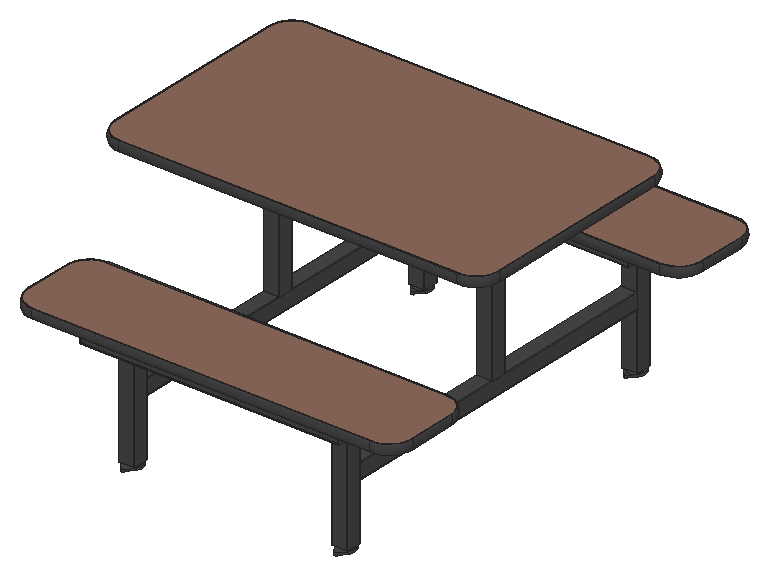
Revit family "Plymold-Essentials-Industrial_Bench_Unit", category Furniture, Revit 2022
Family settings
  OmniClass Number = 23.40.20.00
  OmniClass Title = General Furniture and Specialties
  Work Plane-Based = No
  Always vertical = Yes
  Cut with Voids When Loaded = No
  Render Appearance Source = Family Geometry
  Shared = No
  Room Calculation Point = No
Parameters (values of type "IDBE048VE")
  Width = 48"
  URL = "https://plymold.com"
  Type Comments = "Cafeteria Seating"  # constant formula
  TOP MATERIAL = PLY - Wood Mahogany - Horizontal
  TOP EDGE MATERIAL = PLY - Plastic Black
  Sustainability = "https://plymold.com/plymolds-sustainability-efforts/"
  SEAT MATERIAL = PLY - Wood Mahogany - Horizontal
  Revit Model Built By = "https://www.servex-us.com/servex-revit/"
  Product Documentation Link = "https://plymold.com/product/industrial-bench-unit/"
  Model = "IDBE048VE"
  Manufacturer = "Plymold"  # constant formula
  LEG MATERIAL = PLY - Onyx Black Powdercoat
  Keynote = "12500"  # constant formula
  Height = 30"
  GLIDES MATERIAL = PLY - Plastic Black
  FRAME MATERIAL = PLY - Onyx Black Powdercoat
  EDGE MATERIAL = PLY - Plastic Black
  Description = "Industrial Bench Unit - 48”W x 57”D x 30”H"
  Depth = 57"
  Default Elevation = 0"
  Cost = 0
  CAP MATERIAL = PLY - Plastic Black
  Brand = "Island Bench Units"  # constant formula
  Assembly Code = "E2020200"
Types (4): name | Width | Model | Description
  (no name) | 48" | "IDBE048VE" | "Industrial Bench Unit - 48”W x 57”D x 30”H"
  IDBE048VE | 48" | "IDBE048VE" | "Industrial Bench Unit - 48”W x 57”D x 30”H"
  IDBE072VE | 72" | "IDBE072VE" | "Industrial Bench Unit - 72”W x 57”D x 30”H"
  IDBE096VE | 96" | "IDBE096VE" | "Industrial Bench Unit - 96”W x 57”D x 30”H"
Reference planes (in)
  plane 1: z = 0
  plane 2: z = 30
  plane 3 "Center (Front/Back)": y = 49.90131
  plane 4 "Center (Left/Right)": x = -171.57253
  plane 5: x = -123.57253
  plane 6: y = 21.40131
  plane 7: y = 78.40131
Dimensions and locks (in)
  "Height": plane 2 to plane 1
  "Width": plane 4 "Center (Left/Right)" to plane 5
  equal spacing: plane 7, plane 3 "Center (Front/Back)", plane 6
  "Depth": plane 7 to plane 6
  aligned and locked: level to plane 1
  aligned and locked: plane 4 "Center (Left/Right)" to nested 1
  aligned and locked: nested 1 to plane 3 "Center (Front/Back)"
Nested families (in)
  nested 1: "Industrial_Bench_Unit" at (-171.57253, 49.90131, 0), W <- "Width", D <- "Depth", H <- "Height", LEG MATERIAL <- "LEG MATERIAL", SEAT MATERIAL <- "SEAT MATERIAL", TOP MATERIAL <- "TOP MATERIAL", CAP MATERIAL <- "CAP MATERIAL", EDGE MATERIAL <- "EDGE MATERIAL", GLIDES MATERIAL <- "GLIDES MATERIAL", TOP EDGE MATERIAL <- "TOP EDGE MATERIAL", FRAME MATERIAL <- "FRAME MATERIAL", type "Industrial_Bench_Unit"
    with W 48", TOP MATERIAL PLY - Wood Mahogany - Horizontal, TOP EDGE MATERIAL PLY - Plastic Black, SEAT MATERIAL PLY - Wood Mahogany - Horizontal, Qty Support 2, LEG MATERIAL PLY - Onyx Black Powdercoat, H 30", GLIDES MATERIAL PLY - Plastic Black, FRAME MATERIAL PLY - Onyx Black Powdercoat, EDGE MATERIAL PLY - Plastic Black, Dist Support 12 3/4", Dist Leg 10 3/4", Dist Frame 8", D 57", CAP MATERIAL PLY - Plastic Black
Definition of nested family "Industrial_Bench_Unit"
  Parameters (values of type "Industrial_Bench_Unit")
    W [instance] = 48"
    TOP MATERIAL [instance] = none
    TOP EDGE MATERIAL [instance] = none
    SEAT MATERIAL [instance] = none
    Qty Support [instance] = if(W = 48", 2, 3)  # 2
    LEG MATERIAL [instance] = none
    H [instance] = 30"
    GLIDES MATERIAL [instance] = none
    FRAME MATERIAL [instance] = none
    EDGE MATERIAL [instance] = none
    Dist Support [instance] = if(W = 96", W - 13 3/4", W - 35 1/4")  # 12 3/4"
    Dist Leg [instance] = if(W = 96", 20", 10 3/4")  # 10 3/4"
    Dist Frame [instance] = if(and(W = 96"), 2 1/2", if(and(W = 72"), 6 1/2", 8"))  # 8"
    Default Elevation = 0"
    D [instance] = 56 5/8"
    CAP MATERIAL [instance] = none
  Reference planes (in)
    plane 1 "Center (Front/Back)": y = 0
    plane 2: z = 0
    plane 3 "Center (Left/Right)": x = 0
    plane 4: z = 30
    plane 5: z = 17.246
    plane 6: y = 28.3125
    plane 7: y = -28.3125
    plane 8: x = 48
    plane 9: y = 15
    plane 10: y = -15
    plane 11: z = 16.062
    plane 12: z = 28.816
    plane 13: z = 14.562
    plane 14: z = 14.312
    plane 15: z = 0.5
    plane 16: z = 9.562
    plane 17: z = 7.562
    plane 18: x = 17.625
    plane 19: x = 30.375
    plane 20: x = 24
    plane 21: x = 10.75
    plane 22: x = 37.25
    plane 23: x = 8
    plane 24: x = 40
  Forms (in)
    Sweep 1, solid, material <- "TOP EDGE MATERIAL"
      path origin (0, 0, 0) x (1, 0, 0) y (0, 1, 0)
        loop
          arc (3, 15) -> (0.87868, 14.12132) -> (0, 12) r 3
          line (0, 12) -> (0, -12)
          arc (0, -12) -> (0.87868, -14.12132) -> (3, -15) r 3
          line (3, -15) -> (45, -15)
          arc (45, -15) -> (47.12132, -14.12132) -> (48, -12) r 3
          line (48, -12) -> (48, 12)
          arc (48, 12) -> (47.12132, 14.12132) -> (45, 15) r 3
          line (45, 15) -> (3, 15)
      profile origin (24, 15, 0) x (0, 1, 0) y (0, 0, 1)
        loop
          line (-0.16188, 30) -> (-0.16188, 28.816) -> (-0.10546, 28.816)
          arc (-0.10546, 28.816) -> (0, 29.408) -> (-0.10546, 30) r 1.71435
          line (-0.10546, 30) -> (-0.16188, 30)
    Extrusion 2, solid, material <- "TOP MATERIAL"
      sketch origin (0, 0, 0) x (1, 0, 0) y (0, 1, 0)
        loop
          line (0.16188, 12) -> (0.16188, -12)
          arc (0.16188, -12) -> (0.99315, -14.00685) -> (3, -14.83812) r 2.83812
          line (3, -14.83812) -> (45, -14.83812)
          arc (45, -14.83812) -> (47.00685, -14.00685) -> (47.83812, -12) r 2.83812
          line (47.83812, -12) -> (47.83812, 12)
          arc (47.83812, 12) -> (47.00685, 14.00685) -> (45, 14.83812) r 2.83812
          line (45, 14.83812) -> (3, 14.83812)
          arc (3, 14.83812) -> (0.99315, 14.00685) -> (0.16188, 12) r 2.83812
      from 28.816 to 30
    Sweep 3, solid, material <- "EDGE MATERIAL"
      path origin (0, 0, 0) x (1, 0, 0) y (0, 1, 0)
        loop
          arc (3, 28.3125) -> (0.87868, 27.43382) -> (0, 25.3125) r 3
          line (0, 25.3125) -> (0, 19.3125)
          arc (0, 19.3125) -> (0.87868, 17.19118) -> (3, 16.3125) r 3
          line (3, 16.3125) -> (45, 16.3125)
          arc (45, 16.3125) -> (47.12132, 17.19118) -> (48, 19.3125) r 3
          line (48, 19.3125) -> (48, 25.3125)
          arc (48, 25.3125) -> (47.12132, 27.43382) -> (45, 28.3125) r 3
          line (45, 28.3125) -> (3, 28.3125)
      profile origin (24, 28.3125, 0) x (0, 1, 0) y (0, 0, 1)
        loop
          line (-0.16188, 17.246) -> (-0.16188, 16.062) -> (-0.10546, 16.062)
          arc (-0.10546, 16.062) -> (0.00002, 16.654) -> (-0.10546, 17.246) r 1.71405
          line (-0.10546, 17.246) -> (-0.16188, 17.246)
    Sweep 4, solid, material <- "EDGE MATERIAL"
      path origin (0, 0, 0) x (1, 0, 0) y (0, 1, 0)
        loop
          line (3, -28.3125) -> (45, -28.3125)
          arc (45, -28.3125) -> (47.12132, -27.43382) -> (48, -25.3125) r 3
          line (48, -25.3125) -> (48, -19.3125)
          arc (48, -19.3125) -> (47.12132, -17.19118) -> (45, -16.3125) r 3
          line (45, -16.3125) -> (3, -16.3125)
          arc (3, -16.3125) -> (0.87868, -17.19118) -> (0, -19.3125) r 3
          line (0, -19.3125) -> (0, -25.3125)
          arc (0, -25.3125) -> (0.87868, -27.43382) -> (3, -28.3125) r 3
      profile origin (24, -28.3125, 0) x (0, 1, 0) y (0, 0, 1)
        loop
          line (0.16188, 17.246) -> (0.10546, 17.246)
          arc (0.10546, 17.246) -> (-0.00002, 16.654) -> (0.10546, 16.062) r 1.71405
          line (0.10546, 16.062) -> (0.16188, 16.062) -> (0.16188, 17.246)
    Extrusion 5, solid, material <- "SEAT MATERIAL"
      sketch origin (0, 0, 0) x (1, 0, 0) y (0, 1, 0)
        loop
          arc (3, 28.15062) -> (0.99315, 27.31935) -> (0.16188, 25.3125) r 2.83812
          line (0.16188, 25.3125) -> (0.16188, 19.3125)
          arc (0.16188, 19.3125) -> (0.99315, 17.30565) -> (3, 16.47438) r 2.83812
          line (3, 16.47438) -> (45, 16.47438)
          arc (45, 16.47438) -> (47.00685, 17.30565) -> (47.83812, 19.3125) r 2.83812
          line (47.83812, 19.3125) -> (47.83812, 25.3125)
          arc (47.83812, 25.3125) -> (47.00685, 27.31935) -> (45, 28.15062) r 2.83812
          line (45, 28.15062) -> (3, 28.15062)
        loop
          arc (3, -16.47438) -> (0.99315, -17.30565) -> (0.16188, -19.3125) r 2.83812
          line (0.16188, -19.3125) -> (0.16188, -25.3125)
          arc (0.16188, -25.3125) -> (0.99315, -27.31935) -> (3, -28.15062) r 2.83812
          line (3, -28.15062) -> (45, -28.15062)
          arc (45, -28.15062) -> (47.00685, -27.31935) -> (47.83812, -25.3125) r 2.83812
          line (47.83812, -25.3125) -> (47.83812, -19.3125)
          arc (47.83812, -19.3125) -> (47.00685, -17.30565) -> (45, -16.47438) r 2.83812
          line (45, -16.47438) -> (3, -16.47438)
      from 16.062 to 17.246
    Extrusion 6, solid, material <- "LEG MATERIAL"
      sketch origin (0, 0, 0) x (1, 0, 0) y (0, 1, 0)
        loop
          line (8.52875, 25.49344) -> (8.52875, 19.13156) -> (13.02875, 19.13156) -> (13.02875, 25.49344) -> (8.52875, 25.49344)
        loop
          line (39.47125, 25.49344) -> (34.97125, 25.49344) -> (34.97125, 19.13156) -> (39.47125, 19.13156) -> (39.47125, 25.49344)
        loop
          line (8.52875, -25.49344) -> (13.02875, -25.49344) -> (13.02875, -19.13156) -> (8.52875, -19.13156) -> (8.52875, -25.49344)
        loop
          line (39.47125, -25.49344) -> (39.47125, -19.13156) -> (34.97125, -19.13156) -> (34.97125, -25.49344) -> (39.47125, -25.49344)
      from 14.312 to 14.562
    Extrusion 7, solid, material <- "FRAME MATERIAL"
      sketch origin (0, 0, 0) x (0, 1, 0) y (0, 0, 1)
        loop
          arc (4.39381, 27.321) -> (4.4601, 27.34846) -> (4.48756, 27.41475) r 0.09375
          line (4.48756, 27.41475) -> (4.48756, 28.72392)
          arc (4.48756, 28.72392) -> (4.46059, 28.78903) -> (4.39548, 28.816) r 0.09208
          line (4.39548, 28.816) -> (3.08631, 28.816)
          arc (3.08631, 28.816) -> (3.02002, 28.78854) -> (2.99256, 28.72225) r 0.09375
          line (2.99256, 28.72225) -> (2.99256, 27.41475)
          arc (2.99256, 27.41475) -> (3.02002, 27.34846) -> (3.08631, 27.321) r 0.09375
          line (3.08631, 27.321) -> (4.39381, 27.321)
        loop
          line (-4.39381, 27.321) -> (-3.08631, 27.321)
          arc (-3.08631, 27.321) -> (-3.02002, 27.34846) -> (-2.99256, 27.41475) r 0.09375
          line (-2.99256, 27.41475) -> (-2.99256, 28.72225)
          arc (-2.99256, 28.72225) -> (-3.02002, 28.78854) -> (-3.08631, 28.816) r 0.09375
          line (-3.08631, 28.816) -> (-4.39381, 28.816)
          arc (-4.39381, 28.816) -> (-4.4601, 28.78854) -> (-4.48756, 28.72225) r 0.09375
          line (-4.48756, 28.72225) -> (-4.48756, 27.41475)
          arc (-4.48756, 27.41475) -> (-4.4601, 27.34846) -> (-4.39381, 27.321) r 0.09375
        loop
          arc (26.89469, 14.562) -> (26.96098, 14.58946) -> (26.98844, 14.65575) r 0.09375
          line (26.98844, 14.65575) -> (26.98844, 15.96992)
          arc (26.98844, 15.96992) -> (26.96147, 16.03503) -> (26.89636, 16.062) r 0.09208
          line (26.89636, 16.062) -> (25.58719, 16.062)
          arc (25.58719, 16.062) -> (25.5209, 16.03454) -> (25.49344, 15.96825) r 0.09375
          line (25.49344, 15.96825) -> (25.49344, 14.65575)
          arc (25.49344, 14.65575) -> (25.5209, 14.58946) -> (25.58719, 14.562) r 0.09375
          line (25.58719, 14.562) -> (26.89469, 14.562)
        loop
          line (17.73031, 14.562) -> (19.03781, 14.562)
          arc (19.03781, 14.562) -> (19.1041, 14.58946) -> (19.13156, 14.65575) r 0.09375
          line (19.13156, 14.65575) -> (19.13156, 15.96825)
          arc (19.13156, 15.96825) -> (19.1041, 16.03454) -> (19.03781, 16.062) r 0.09375
          line (19.03781, 16.062) -> (17.73031, 16.062)
          arc (17.73031, 16.062) -> (17.66402, 16.03454) -> (17.63656, 15.96825) r 0.09375
          line (17.63656, 15.96825) -> (17.63656, 14.65575)
          arc (17.63656, 14.65575) -> (17.66402, 14.58946) -> (17.73031, 14.562) r 0.09375
        loop
          line (-26.89469, 14.562) -> (-25.58719, 14.562)
          arc (-25.58719, 14.562) -> (-25.5209, 14.58946) -> (-25.49344, 14.65575) r 0.09375
          line (-25.49344, 14.65575) -> (-25.49344, 15.96825)
          arc (-25.49344, 15.96825) -> (-25.5209, 16.03454) -> (-25.58719, 16.062) r 0.09375
          line (-25.58719, 16.062) -> (-26.89636, 16.062)
          arc (-26.89636, 16.062) -> (-26.96147, 16.03503) -> (-26.98844, 15.96992) r 0.09208
          line (-26.98844, 15.96992) -> (-26.98844, 14.65575)
          arc (-26.98844, 14.65575) -> (-26.96098, 14.58946) -> (-26.89469, 14.562) r 0.09375
        loop
          arc (-17.73031, 14.562) -> (-17.66402, 14.58946) -> (-17.63656, 14.65575) r 0.09375
          line (-17.63656, 14.65575) -> (-17.63656, 15.96825)
          arc (-17.63656, 15.96825) -> (-17.66402, 16.03454) -> (-17.73031, 16.062) r 0.09375
          line (-17.73031, 16.062) -> (-19.03781, 16.062)
          arc (-19.03781, 16.062) -> (-19.1041, 16.03454) -> (-19.13156, 15.96825) r 0.09375
          line (-19.13156, 15.96825) -> (-19.13156, 14.65575)
          arc (-19.13156, 14.65575) -> (-19.1041, 14.58946) -> (-19.03781, 14.562) r 0.09375
          line (-19.03781, 14.562) -> (-17.73031, 14.562)
      from 8 to 40
    Extrusion 8, solid, material <- "FRAME MATERIAL"
      sketch origin (0, 0, 0) x (1, 0, 0) y (0, 1, 0)
        loop
          line (8.52875, 3.125) -> (8.52875, -3.125) -> (13.02875, -3.125) -> (13.02875, 3.125) -> (8.52875, 3.125)
        loop
          line (39.47125, 3.125) -> (34.97125, 3.125) -> (34.97125, -3.125) -> (39.47125, -3.125) -> (39.47125, 3.125)
      from 27.066 to 27.321
    Extrusion 9, solid, material <- "FRAME MATERIAL"
      sketch origin (0, 0, 0) x (1, 0, 0) y (0, 1, 0)
        loop
          arc (9.84375, 1) -> (9.77746, 0.97254) -> (9.75, 0.90625) r 0.09375
          line (9.75, 0.90625) -> (9.75, -0.90625)
          arc (9.75, -0.90625) -> (9.77746, -0.97254) -> (9.84375, -1) r 0.09375
          line (9.84375, -1) -> (11.65625, -1)
          arc (11.65625, -1) -> (11.72254, -0.97254) -> (11.75, -0.90625) r 0.09375
          line (11.75, -0.90625) -> (11.75, 0.90625)
          arc (11.75, 0.90625) -> (11.72254, 0.97254) -> (11.65625, 1) r 0.09375
          line (11.65625, 1) -> (9.84375, 1)
        loop
          line (38.15625, 1) -> (36.34375, 1)
          arc (36.34375, 1) -> (36.27746, 0.97254) -> (36.25, 0.90625) r 0.09375
          line (36.25, 0.90625) -> (36.25, -0.90625)
          arc (36.25, -0.90625) -> (36.27746, -0.97254) -> (36.34375, -1) r 0.09375
          line (36.34375, -1) -> (38.15625, -1)
          arc (38.15625, -1) -> (38.22254, -0.97254) -> (38.25, -0.90625) r 0.09375
          line (38.25, -0.90625) -> (38.25, 0.90625)
          arc (38.25, 0.90625) -> (38.22254, 0.97254) -> (38.15625, 1) r 0.09375
      from 9.562 to 27.066
    Extrusion 10, solid, material <- "FRAME MATERIAL"
      sketch origin (0, 0, 0) x (1, 0, 0) y (0, 0, 1)
        loop
          arc (9.84375, 9.562) -> (9.77746, 9.53454) -> (9.75, 9.46825) r 0.09375
          line (9.75, 9.46825) -> (9.75, 7.65575)
          arc (9.75, 7.65575) -> (9.77746, 7.58946) -> (9.84375, 7.562) r 0.09375
          line (9.84375, 7.562) -> (11.65625, 7.562)
          arc (11.65625, 7.562) -> (11.72254, 7.58946) -> (11.75, 7.65575) r 0.09375
          line (11.75, 7.65575) -> (11.75, 9.46825)
          arc (11.75, 9.46825) -> (11.72254, 9.53454) -> (11.65625, 9.562) r 0.09375
          line (11.65625, 9.562) -> (9.84375, 9.562)
        loop
          line (38.15625, 9.562) -> (36.34375, 9.562)
          arc (36.34375, 9.562) -> (36.27746, 9.53454) -> (36.25, 9.46825) r 0.09375
          line (36.25, 9.46825) -> (36.25, 7.65575)
          arc (36.25, 7.65575) -> (36.27746, 7.58946) -> (36.34375, 7.562) r 0.09375
          line (36.34375, 7.562) -> (38.15625, 7.562)
          arc (38.15625, 7.562) -> (38.22254, 7.58946) -> (38.25, 7.65575) r 0.09375
          line (38.25, 7.65575) -> (38.25, 9.46825)
          arc (38.25, 9.46825) -> (38.22254, 9.53454) -> (38.15625, 9.562) r 0.09375
      from -21.3125 to 21.3125
    Extrusion 11, solid, material <- "LEG MATERIAL"
      sketch origin (0, 0, -9) x (1, 0, 0) y (0, 1, 0)
        loop
          arc (9.84375, 23.3125) -> (9.77746, 23.28504) -> (9.75, 23.21875) r 0.09375
          line (9.75, 23.21875) -> (9.75, 21.40625)
          arc (9.75, 21.40625) -> (9.77746, 21.33996) -> (9.84375, 21.3125) r 0.09375
          line (9.84375, 21.3125) -> (11.65625, 21.3125)
          arc (11.65625, 21.3125) -> (11.72254, 21.33996) -> (11.75, 21.40625) r 0.09375
          line (11.75, 21.40625) -> (11.75, 23.21875)
          arc (11.75, 23.21875) -> (11.72254, 23.28504) -> (11.65625, 23.3125) r 0.09375
          line (11.65625, 23.3125) -> (9.84375, 23.3125)
        loop
          line (38.15625, 23.3125) -> (36.34375, 23.3125)
          arc (36.34375, 23.3125) -> (36.27746, 23.28504) -> (36.25, 23.21875) r 0.09375
          line (36.25, 23.21875) -> (36.25, 21.40625)
          arc (36.25, 21.40625) -> (36.27746, 21.33996) -> (36.34375, 21.3125) r 0.09375
          line (36.34375, 21.3125) -> (38.15625, 21.3125)
          arc (38.15625, 21.3125) -> (38.22254, 21.33996) -> (38.25, 21.40625) r 0.09375
          line (38.25, 21.40625) -> (38.25, 23.21875)
          arc (38.25, 23.21875) -> (38.22254, 23.28504) -> (38.15625, 23.3125) r 0.09375
        loop
          line (9.84375, -23.3125) -> (11.65625, -23.3125)
          arc (11.65625, -23.3125) -> (11.72254, -23.28504) -> (11.75, -23.21875) r 0.09375
          line (11.75, -23.21875) -> (11.75, -21.40625)
          arc (11.75, -21.40625) -> (11.72254, -21.33996) -> (11.65625, -21.3125) r 0.09375
          line (11.65625, -21.3125) -> (9.84375, -21.3125)
          arc (9.84375, -21.3125) -> (9.77746, -21.33996) -> (9.75, -21.40625) r 0.09375
          line (9.75, -21.40625) -> (9.75, -23.21875)
          arc (9.75, -23.21875) -> (9.77746, -23.28504) -> (9.84375, -23.3125) r 0.09375
        loop
          arc (38.15625, -23.3125) -> (38.22254, -23.28504) -> (38.25, -23.21875) r 0.09375
          line (38.25, -23.21875) -> (38.25, -21.40625)
          arc (38.25, -21.40625) -> (38.22254, -21.33996) -> (38.15625, -21.3125) r 0.09375
          line (38.15625, -21.3125) -> (36.34375, -21.3125)
          arc (36.34375, -21.3125) -> (36.27746, -21.33996) -> (36.25, -21.40625) r 0.09375
          line (36.25, -21.40625) -> (36.25, -23.21875)
          arc (36.25, -23.21875) -> (36.27746, -23.28504) -> (36.34375, -23.3125) r 0.09375
          line (36.34375, -23.3125) -> (38.15625, -23.3125)
      from 9.5 to 23.312
    Extrusion 12, solid, material <- "FRAME MATERIAL"
      sketch origin (0, 0, 0) x (1, 0, 0) y (0, 0, 1)
        loop
          line (13.15375, 28.816) -> (13.02875, 28.816) -> (13.02875, 27.441) -> (8.52875, 27.441) -> (8.52875, 28.816) -> (8.40375, 28.816) -> (8.40375, 27.316) -> (13.15375, 27.316) -> (13.15375, 28.816)
        loop
          line (34.84625, 28.816) -> (34.84625, 27.321) -> (39.59625, 27.321) -> (39.59625, 28.816) -> (39.47125, 28.816) -> (39.47125, 27.441) -> (34.97125, 27.441) -> (34.97125, 28.816) -> (34.84625, 28.816)
      from -2.99256 to 2.99256
    Extrusion 13, solid, material <- "FRAME MATERIAL"
      sketch origin (0, 0, 0) x (1, 0, 0) y (0, 0, 1)
        loop
          line (13.15375, 16.062) -> (13.02875, 16.062) -> (13.02875, 14.687) -> (8.52875, 14.687) -> (8.52875, 16.062) -> (8.40375, 16.062) -> (8.40375, 14.562) -> (13.15375, 14.562) -> (13.15375, 16.062)
        loop
          line (34.84625, 16.062) -> (34.84625, 14.562) -> (39.59625, 14.562) -> (39.59625, 16.062) -> (39.47125, 16.062) -> (39.47125, 14.687) -> (34.97125, 14.687) -> (34.97125, 16.062) -> (34.84625, 16.062)
      from 19.13156 to 25.49344
    Extrusion 14, solid, material <- "FRAME MATERIAL"
      sketch origin (0, 0, 0) x (1, 0, 0) y (0, 0, -1)
        loop
          line (13.15375, -16.062) -> (13.15375, -14.562) -> (8.40375, -14.562) -> (8.40375, -16.062) -> (8.52875, -16.062) -> (8.52875, -14.687) -> (13.02875, -14.687) -> (13.02875, -16.062) -> (13.15375, -16.062)
        loop
          line (34.84625, -16.062) -> (34.97125, -16.062) -> (34.97125, -14.687) -> (39.47125, -14.687) -> (39.47125, -16.062) -> (39.59625, -16.062) -> (39.59625, -14.562) -> (34.84625, -14.562) -> (34.84625, -16.062)
      from 19.13156 to 25.49344
    Extrusion 15, solid, material <- "GLIDES MATERIAL"
      sketch origin (-8.403, 2.57413, 0) x (1, 0, 0) y (0, 1, 0)
        loop
          arc (18.90281, -26.45018) -> (19.153, -26.57711) -> (19.40318, -26.45018) r 0.31001
          line (19.40318, -26.45018) -> (20.06108, -25.55114)
          arc (20.06108, -25.55114) -> (19.153, -23.76138) -> (18.24492, -25.55114) r 1.12525
          line (18.24492, -25.55114) -> (18.90281, -26.45018)
        loop
          line (45.90318, 18.17482) -> (46.56108, 19.07386)
          arc (46.56108, 19.07386) -> (45.653, 20.86362) -> (44.74492, 19.07386) r 1.12525
          line (44.74492, 19.07386) -> (45.40281, 18.17482)
          arc (45.40281, 18.17482) -> (45.653, 18.04789) -> (45.90318, 18.17482) r 0.31001
        loop
          line (45.90318, -26.45018) -> (46.56108, -25.55114)
          arc (46.56108, -25.55114) -> (45.653, -23.76138) -> (44.74492, -25.55114) r 1.12525
          line (44.74492, -25.55114) -> (45.40281, -26.45018)
          arc (45.40281, -26.45018) -> (45.653, -26.57711) -> (45.90318, -26.45018) r 0.31001
        loop
          arc (18.90281, 18.17482) -> (19.153, 18.04789) -> (19.40318, 18.17482) r 0.31001
          line (19.40318, 18.17482) -> (20.06108, 19.07386)
          arc (20.06108, 19.07386) -> (19.153, 20.86362) -> (18.24492, 19.07386) r 1.12525
          line (18.24492, 19.07386) -> (18.90281, 18.17482)
      from 0 to 0.25
    Revolve 16, solid, material <- "GLIDES MATERIAL"
      sketch origin (33.0625, 22.3125, 0) x (-1, 0, 0) y (0, 0, 1)
        loop
          line (22.3125, 0.5) -> (22.3125, 0.25) -> (23.172, 0.25)
          arc (23.172, 0.25) -> (22.98358, 0.36253) -> (22.8125, 0.5) r 1.5858
          line (22.8125, 0.5) -> (22.3125, 0.5)
        axis (22.3125, 0.5) -> (22.3125, 0.25)
      angle from 0 to 360
    Revolve 17, solid, material <- "GLIDES MATERIAL"
      sketch origin (59.5625, 22.3125, 0) x (-1, 0, 0) y (0, 0, -1)
        loop
          line (22.3125, -0.5) -> (22.8125, -0.5)
          arc (22.8125, -0.5) -> (22.98358, -0.36253) -> (23.172, -0.25) r 1.5858
          line (23.172, -0.25) -> (22.3125, -0.25) -> (22.3125, -0.5)
        axis (22.3125, -0.5) -> (22.3125, -0.25)
      angle from 0 to 360
    Revolve 18, solid, material <- "GLIDES MATERIAL"
      sketch origin (-11.5625, -22.3125, 0) x (1, 0, 0) y (0, 0, -1)
        loop
          line (22.3125, -0.5) -> (22.8125, -0.5)
          arc (22.8125, -0.5) -> (22.98358, -0.36253) -> (23.172, -0.25) r 1.5858
          line (23.172, -0.25) -> (22.3125, -0.25) -> (22.3125, -0.5)
        axis (22.3125, -0.5) -> (22.3125, -0.25)
      angle from 0 to 360
    Revolve 19, solid, material <- "GLIDES MATERIAL"
      sketch origin (14.9375, -22.3125, 0) x (1, 0, 0) y (0, 0, 1)
        loop
          line (22.3125, 0.5) -> (22.3125, 0.25) -> (23.172, 0.25)
          arc (23.172, 0.25) -> (22.98358, 0.36253) -> (22.8125, 0.5) r 1.5858
          line (22.8125, 0.5) -> (22.3125, 0.5)
        axis (22.3125, 0.5) -> (22.3125, 0.25)
      angle from 0 to 360
    Extrusion 20, solid, material <- "CAP MATERIAL"
      sketch origin (40, 0, 0) x (0, 1, 0) y (0, 0, 1)
        loop
          line (-25.49344, 14.65575) -> (-25.49344, 15.96825)
          arc (-25.49344, 15.96825) -> (-25.5209, 16.03454) -> (-25.58719, 16.062) r 0.09375
          line (-25.58719, 16.062) -> (-26.89636, 16.062)
          arc (-26.89636, 16.062) -> (-26.96147, 16.03503) -> (-26.98844, 15.96992) r 0.09208
          line (-26.98844, 15.96992) -> (-26.98844, 14.65575)
          arc (-26.98844, 14.65575) -> (-26.96098, 14.58946) -> (-26.89469, 14.562) r 0.09375
          line (-26.89469, 14.562) -> (-25.58719, 14.562)
          arc (-25.58719, 14.562) -> (-25.5209, 14.58946) -> (-25.49344, 14.65575) r 0.09375
        loop
          line (-17.63656, 14.65575) -> (-17.63656, 15.96825)
          arc (-17.63656, 15.96825) -> (-17.66402, 16.03454) -> (-17.73031, 16.062) r 0.09375
          line (-17.73031, 16.062) -> (-19.03781, 16.062)
          arc (-19.03781, 16.062) -> (-19.1041, 16.03454) -> (-19.13156, 15.96825) r 0.09375
          line (-19.13156, 15.96825) -> (-19.13156, 14.65575)
          arc (-19.13156, 14.65575) -> (-19.1041, 14.58946) -> (-19.03781, 14.562) r 0.09375
          line (-19.03781, 14.562) -> (-17.73031, 14.562)
          arc (-17.73031, 14.562) -> (-17.66402, 14.58946) -> (-17.63656, 14.65575) r 0.09375
        loop
          line (-2.99256, 27.41475) -> (-2.99256, 28.72225)
          arc (-2.99256, 28.72225) -> (-3.02002, 28.78854) -> (-3.08631, 28.816) r 0.09375
          line (-3.08631, 28.816) -> (-4.39381, 28.816)
          arc (-4.39381, 28.816) -> (-4.4601, 28.78854) -> (-4.48756, 28.72225) r 0.09375
          line (-4.48756, 28.72225) -> (-4.48756, 27.41475)
          arc (-4.48756, 27.41475) -> (-4.4601, 27.34846) -> (-4.39381, 27.321) r 0.09375
          line (-4.39381, 27.321) -> (-3.08631, 27.321)
          arc (-3.08631, 27.321) -> (-3.02002, 27.34846) -> (-2.99256, 27.41475) r 0.09375
        loop
          line (4.39548, 28.816) -> (3.08631, 28.816)
          arc (3.08631, 28.816) -> (3.02002, 28.78854) -> (2.99256, 28.72225) r 0.09375
          line (2.99256, 28.72225) -> (2.99256, 27.41475)
          arc (2.99256, 27.41475) -> (3.02002, 27.34846) -> (3.08631, 27.321) r 0.09375
          line (3.08631, 27.321) -> (4.39381, 27.321)
          arc (4.39381, 27.321) -> (4.4601, 27.34846) -> (4.48756, 27.41475) r 0.09375
          line (4.48756, 27.41475) -> (4.48756, 28.72392)
          arc (4.48756, 28.72392) -> (4.46059, 28.78903) -> (4.39548, 28.816) r 0.09208
        loop
          line (19.13156, 14.65575) -> (19.13156, 15.96825)
          arc (19.13156, 15.96825) -> (19.1041, 16.03454) -> (19.03781, 16.062) r 0.09375
          line (19.03781, 16.062) -> (17.73031, 16.062)
          arc (17.73031, 16.062) -> (17.66402, 16.03454) -> (17.63656, 15.96825) r 0.09375
          line (17.63656, 15.96825) -> (17.63656, 14.65575)
          arc (17.63656, 14.65575) -> (17.66402, 14.58946) -> (17.73031, 14.562) r 0.09375
          line (17.73031, 14.562) -> (19.03781, 14.562)
          arc (19.03781, 14.562) -> (19.1041, 14.58946) -> (19.13156, 14.65575) r 0.09375
        loop
          line (26.98844, 14.65575) -> (26.98844, 15.96992)
          arc (26.98844, 15.96992) -> (26.96147, 16.03503) -> (26.89636, 16.062) r 0.09208
          line (26.89636, 16.062) -> (25.58719, 16.062)
          arc (25.58719, 16.062) -> (25.5209, 16.03454) -> (25.49344, 15.96825) r 0.09375
          line (25.49344, 15.96825) -> (25.49344, 14.65575)
          arc (25.49344, 14.65575) -> (25.5209, 14.58946) -> (25.58719, 14.562) r 0.09375
          line (25.58719, 14.562) -> (26.89469, 14.562)
          arc (26.89469, 14.562) -> (26.96098, 14.58946) -> (26.98844, 14.65575) r 0.09375
      from 0 to 0.125
    Extrusion 21, solid, material <- "CAP MATERIAL"
      sketch origin (8, 0, 0) x (0, -1, 0) y (0, 0, 1)
        loop
          line (4.48756, 27.41475) -> (4.48756, 28.72225)
          arc (4.48756, 28.72225) -> (4.4601, 28.78854) -> (4.39381, 28.816) r 0.09375
          line (4.39381, 28.816) -> (3.08631, 28.816)
          arc (3.08631, 28.816) -> (3.02002, 28.78854) -> (2.99256, 28.72225) r 0.09375
          line (2.99256, 28.72225) -> (2.99256, 27.41475)
          arc (2.99256, 27.41475) -> (3.02002, 27.34846) -> (3.08631, 27.321) r 0.09375
          line (3.08631, 27.321) -> (4.39381, 27.321)
          arc (4.39381, 27.321) -> (4.4601, 27.34846) -> (4.48756, 27.41475) r 0.09375
        loop
          line (-2.99256, 27.41475) -> (-2.99256, 28.72225)
          arc (-2.99256, 28.72225) -> (-3.02002, 28.78854) -> (-3.08631, 28.816) r 0.09375
          line (-3.08631, 28.816) -> (-4.39548, 28.816)
          arc (-4.39548, 28.816) -> (-4.46059, 28.78903) -> (-4.48756, 28.72392) r 0.09208
          line (-4.48756, 28.72392) -> (-4.48756, 27.41475)
          arc (-4.48756, 27.41475) -> (-4.4601, 27.34846) -> (-4.39381, 27.321) r 0.09375
          line (-4.39381, 27.321) -> (-3.08631, 27.321)
          arc (-3.08631, 27.321) -> (-3.02002, 27.34846) -> (-2.99256, 27.41475) r 0.09375
        loop
          line (-19.13156, 15.96825) -> (-19.13156, 14.65575)
          arc (-19.13156, 14.65575) -> (-19.1041, 14.58946) -> (-19.03781, 14.562) r 0.09375
          line (-19.03781, 14.562) -> (-17.73031, 14.562)
          arc (-17.73031, 14.562) -> (-17.66402, 14.58946) -> (-17.63656, 14.65575) r 0.09375
          line (-17.63656, 14.65575) -> (-17.63656, 15.96825)
          arc (-17.63656, 15.96825) -> (-17.66402, 16.03454) -> (-17.73031, 16.062) r 0.09375
          line (-17.73031, 16.062) -> (-19.03781, 16.062)
          arc (-19.03781, 16.062) -> (-19.1041, 16.03454) -> (-19.13156, 15.96825) r 0.09375
        loop
          line (-25.49344, 14.65575) -> (-25.49344, 15.96825)
          arc (-25.49344, 15.96825) -> (-25.5209, 16.03454) -> (-25.58719, 16.062) r 0.09375
          line (-25.58719, 16.062) -> (-26.89636, 16.062)
          arc (-26.89636, 16.062) -> (-26.96147, 16.03503) -> (-26.98844, 15.96992) r 0.09208
          line (-26.98844, 15.96992) -> (-26.98844, 14.65575)
          arc (-26.98844, 14.65575) -> (-26.96098, 14.58946) -> (-26.89469, 14.562) r 0.09375
          line (-26.89469, 14.562) -> (-25.58719, 14.562)
          arc (-25.58719, 14.562) -> (-25.5209, 14.58946) -> (-25.49344, 14.65575) r 0.09375
        loop
          line (26.98844, 14.65575) -> (26.98844, 15.96992)
          arc (26.98844, 15.96992) -> (26.96147, 16.03503) -> (26.89636, 16.062) r 0.09208
          line (26.89636, 16.062) -> (25.58719, 16.062)
          arc (25.58719, 16.062) -> (25.5209, 16.03454) -> (25.49344, 15.96825) r 0.09375
          line (25.49344, 15.96825) -> (25.49344, 14.65575)
          arc (25.49344, 14.65575) -> (25.5209, 14.58946) -> (25.58719, 14.562) r 0.09375
          line (25.58719, 14.562) -> (26.89469, 14.562)
          arc (26.89469, 14.562) -> (26.96098, 14.58946) -> (26.98844, 14.65575) r 0.09375
        loop
          line (19.13156, 14.65575) -> (19.13156, 15.96825)
          arc (19.13156, 15.96825) -> (19.1041, 16.03454) -> (19.03781, 16.062) r 0.09375
          line (19.03781, 16.062) -> (17.73031, 16.062)
          arc (17.73031, 16.062) -> (17.66402, 16.03454) -> (17.63656, 15.96825) r 0.09375
          line (17.63656, 15.96825) -> (17.63656, 14.65575)
          arc (17.63656, 14.65575) -> (17.66402, 14.58946) -> (17.73031, 14.562) r 0.09375
          line (17.73031, 14.562) -> (19.03781, 14.562)
          arc (19.03781, 14.562) -> (19.1041, 14.58946) -> (19.13156, 14.65575) r 0.09375
      from 0 to 0.125
  Cuts and joins
    joined: Extrusion 15, Revolve 16, Revolve 17, Revolve 18, Revolve 19
  Lines and regions (in)
    symbolic lines
      curve 1: line (3, 15, 0) -> (45, 15, 0)
      curve 2: line (0, -12, 0) -> (0, 12, 0)
      curve 3: line (45, -15, 0) -> (3, -15, 0)
      curve 4: line (48, 12, 0) -> (48, -12, 0)
      curve 5: arc (0, 12, 0) -> (0.87868, 14.12132, 0) -> (3, 15, 0) r 3
      curve 6: arc (0, -12, 0) -> (0.87868, -14.12132, 0) -> (3, -15, 0) r 3
      curve 7: arc (45, -15, 0) -> (47.12132, -14.12132, 0) -> (48, -12, 0) r 3
      curve 8: arc (45, 15, 0) -> (47.12132, 14.12132, 0) -> (48, 12, 0) r 3
      curve 9: line (3, 28.3125, 0) -> (45, 28.3125, 0)
      curve 10: line (0, 19.3125, 0) -> (0, 25.3125, 0)
      curve 11: line (45, 16.3125, 0) -> (3, 16.3125, 0)
      curve 12: line (48, 25.3125, 0) -> (48, 19.3125, 0)
      curve 13: line (3, -16.3125, 0) -> (45, -16.3125, 0)
      curve 14: line (0, -25.3125, 0) -> (0, -19.3125, 0)
      curve 15: line (45, -28.3125, 0) -> (3, -28.3125, 0)
      curve 16: line (48, -19.3125, 0) -> (48, -25.3125, 0)
      curve 17: arc (0, -19.3125, 0) -> (0.87868, -17.19118, 0) -> (3, -16.3125, 0) r 3
      curve 18: arc (0, -25.3125, 0) -> (0.87868, -27.43382, 0) -> (3, -28.3125, 0) r 3
      curve 19: arc (45, -16.3125, 0) -> (47.12132, -17.19118, 0) -> (48, -19.3125, 0) r 3
      curve 20: arc (48, -25.3125, 0) -> (47.12132, -27.43382, 0) -> (45, -28.3125, 0) r 3
      curve 21: arc (0, 25.3125, 0) -> (0.87868, 27.43382, 0) -> (3, 28.3125, 0) r 3
      curve 22: arc (0, 19.3125, 0) -> (0.87868, 17.19118, 0) -> (3, 16.3125, 0) r 3
      curve 23: arc (45, 28.3125, 0) -> (47.12132, 27.43382, 0) -> (48, 25.3125, 0) r 3
      curve 24: arc (48, 19.3125, 0) -> (47.12132, 17.19118, 0) -> (45, 16.3125, 0) r 3
      curve 25: line (9.75, 16.3125, 0) -> (9.75, 15, 0)
      curve 26: line (11.75, 16.3125, 0) -> (11.75, 15, 0)
      curve 27: line (36.25, 16.3125, 0) -> (36.25, 15, 0)
      curve 28: line (38.25, 16.3125, 0) -> (38.25, 15, 0)
      curve 29: line (9.75, -16.3125, 0) -> (9.75, -15, 0)
      curve 30: line (11.75, -16.3125, 0) -> (11.75, -15, 0)
      curve 31: line (36.25, -16.3125, 0) -> (36.25, -15, 0)
      curve 32: line (38.25, -16.3125, 0) -> (38.25, -15, 0)
    symbolic lines, detail levels medium+fine
      curve 33: line (11.02893, -23.82827, 0) -> (11.68683, -22.93582, 0)
      curve 34: arc (11.68683, -22.93582, 0) -> (10.70123, -21.18831, 0) -> (9.87067, -23.01461, 0) r 1.12525
      curve 35: line (9.87067, -23.01461, 0) -> (10.52857, -23.90994, 0)
      curve 36: arc (10.52857, -23.90994, 0) -> (10.79994, -23.99894, 0) -> (11.02893, -23.82827, 0) r 0.31001
      curve 37: line (9.87067, 21.64799, 0) -> (10.52857, 20.74895, 0)
      curve 38: arc (10.52857, 20.74895, 0) -> (10.77875, 20.62201, 0) -> (11.02893, 20.74895, 0) r 0.31001
      curve 39: line (11.02893, 20.74895, 0) -> (11.68683, 21.64799, 0)
      curve 40: arc (11.68683, 21.64799, 0) -> (10.77875, 23.43775, 0) -> (9.87067, 21.64799, 0) r 1.12525
      curve 41: arc (38.12933, 21.61039, 0) -> (37.29877, 23.43669, 0) -> (36.31317, 21.68918, 0) r 1.12525
      curve 42: line (36.31317, 21.68918, 0) -> (36.97107, 20.79673, 0)
      curve 43: arc (36.97107, 20.79673, 0) -> (37.20006, 20.62606, 0) -> (37.47143, 20.71506, 0) r 0.31001
      curve 44: line (37.47143, 20.71506, 0) -> (38.12933, 21.61039, 0)
      curve 45: line (36.31317, -22.93582, 0) -> (36.97107, -23.82827, 0)
      curve 46: arc (36.97107, -23.82827, 0) -> (37.20006, -23.99894, 0) -> (37.47143, -23.90994, 0) r 0.31001
      curve 47: line (37.47143, -23.90994, 0) -> (38.12933, -23.01461, 0)
      curve 48: arc (38.12933, -23.01461, 0) -> (37.29877, -21.18831, 0) -> (36.31317, -22.93582, 0) r 1.12525
    symbolic lines, detail levels fine
      curve 49: line (9.75, 15, 0) -> (9.75, -15, 0)
      curve 50: line (11.75, 15, 0) -> (11.75, -15, 0)
      curve 51: line (38.25, 15, 0) -> (38.25, -15, 0)
      curve 52: line (36.25, 15, 0) -> (36.25, -15, 0)
  Dimensions and locks (in)
    "H": plane 4 to plane 2
    plane 5 to plane 2 = 17.246"
    equal spacing: plane 6, plane 1 "Center (Front/Back)", plane 7
    "D": plane 6 to plane 7
    "W": plane 3 "Center (Left/Right)" to plane 8
    equal spacing: plane 9, plane 1 "Center (Front/Back)", plane 10
    locked: plane 9 to plane 10 at 30
    plane 5 to plane 11 to plane 13 to plane 14 = 1.184" locked, 1 1/2" locked, 1/4" locked
    locked: plane 4 to plane 12 at 1.184
    locked: plane 9 to Sweep 1 sketch curve at 3  (x2)
    locked: plane 10 to Sweep 1 sketch curve at 3  (x2)
    locked: plane 3 "Center (Left/Right)" to Sweep 1 sketch curve at 3  (x2)
    locked: Sweep 1 sketch curve to plane 8 at 3  (x2)
    plane 9 to Sweep 1 sketch curve to Sweep 1 sketch curve = 0.16188" locked, 1.55247" locked
    equal spacing: plane 4, Sweep 1 sketch curve, plane 12, locked at 0.592 each
    plane 6 to Sweep 3 sketch curve to Sweep 3 sketch curve to Sweep 3 sketch curve = 3" locked, 6" locked, 3" locked
    locked: plane 3 "Center (Left/Right)" to Sweep 3 sketch curve at 3
    locked: Sweep 3 sketch curve to plane 8 at 3
    locked: plane 5 to Sweep 3 sketch curve at 0.592
    plane 6 to Sweep 3 sketch curve to Sweep 3 sketch curve = 0.16188" locked, 1.55215" locked
    Sweep 4 sketch curve to Sweep 4 sketch curve to Sweep 4 sketch curve to plane 7 = 3" locked, 6" locked, 3" locked
    Sweep 4 sketch curve to Sweep 4 sketch curve to plane 7 = 1.55215" locked, 0.16188" locked
    locked: plane 5 to Sweep 4 sketch curve at 0.592
    locked: plane 3 "Center (Left/Right)" to Sweep 4 sketch curve at 3
    locked: Sweep 4 sketch curve to plane 8 at 3
    plane 2 to plane 15 to plane 17 to plane 16 = 1/2" locked, 7.062" locked, 2" locked
    Extrusion 7 sketch curve to Extrusion 7 sketch curve to plane 1 "Center (Front/Back)" to Extrusion 7 sketch curve to Extrusion 7 sketch curve = 1.495" locked, 2.99256" locked, 2.99256" locked, 1.495" locked
    plane 12 to Extrusion 7 sketch curve to Extrusion 7 sketch curve to Extrusion 7 sketch curve = 0.09208" locked, 1.30917" locked, 3/32" locked
    plane 12 to Extrusion 7 sketch curve to Extrusion 7 sketch curve = 3/32" locked, 1.3075" locked
    "Dist Frame": plane 3 "Center (Left/Right)" to plane 23
    Extrusion 8 sketch curve to plane 1 "Center (Front/Back)" to Extrusion 8 sketch curve = 3 1/8" locked, 3 1/8" locked
    Extrusion 8 sketch curve to plane 21 to Extrusion 8 sketch curve = 2.22125" locked, 2.27875" locked
    Extrusion 8 sketch curve to plane 22 to Extrusion 8 sketch curve = 2.27875" locked, 2.22125" locked
    plane 12 to Extrusion 8 to Extrusion 8 = 1.495" locked, 0.255" locked
    Extrusion 9 sketch curve to plane 1 "Center (Front/Back)" to Extrusion 9 sketch curve = 1" locked, 1" locked
    Extrusion 9 sketch curve to plane 21 to Extrusion 9 sketch curve = 1" locked, 1" locked
    Extrusion 9 sketch curve to plane 22 to Extrusion 9 sketch curve = 1" locked, 1" locked
    Extrusion 10 sketch curve to plane 21 to Extrusion 10 sketch curve = 1" locked, 1" locked
    Extrusion 10 sketch curve to plane 22 to Extrusion 10 sketch curve = 1" locked, 1" locked
    Extrusion 11 sketch curve to Extrusion 11 sketch curve to plane 6 = 2" locked, 5" locked  (x2)
    Extrusion 11 sketch curve to plane 21 to Extrusion 11 sketch curve = 1" locked, 1" locked  (x2)
    Extrusion 11 sketch curve to plane 22 to Extrusion 11 sketch curve = 1" locked, 1" locked  (x2)
    Extrusion 11 sketch curve to Extrusion 11 sketch curve to plane 7 = 2" locked, 5" locked  (x2)
    Extrusion 12 sketch curve to Extrusion 12 sketch curve to plane 21 to Extrusion 12 sketch curve to Extrusion 12 sketch curve = 1/8" locked, 2.27875" locked, 2.22125" locked, 1/8" locked
    Extrusion 12 sketch curve to Extrusion 12 sketch curve to plane 22 to Extrusion 12 sketch curve to Extrusion 12 sketch curve = 1/8" locked, 2.22125" locked, 2.27875" locked, 1/8" locked
    Extrusion 13 sketch curve to Extrusion 13 sketch curve to plane 21 to Extrusion 13 sketch curve to Extrusion 13 sketch curve = 1/8" locked, 2.27875" locked, 2.22125" locked, 1/8" locked
    Extrusion 13 sketch curve to Extrusion 13 sketch curve to plane 22 to Extrusion 13 sketch curve to Extrusion 13 sketch curve = 1/8" locked, 2.27875" locked, 2.22125" locked, 1/8" locked
    locked: Extrusion 13 sketch curve to plane 13 at 0.125  (x2)
    Extrusion 14 sketch curve to Extrusion 14 sketch curve to plane 21 to Extrusion 14 sketch curve to Extrusion 14 sketch curve = 1/8" locked, 2.27875" locked, 2.22125" locked, 1/8" locked
    Extrusion 14 sketch curve to Extrusion 14 sketch curve to plane 22 to Extrusion 14 sketch curve to Extrusion 14 sketch curve = 1/8" locked, 2.27875" locked, 2.22125" locked, 1/8" locked
    locked: Extrusion 14 sketch curve to plane 13 at 0.125
    plane 6 to Extrusion 15 sketch curve to Extrusion 15 sketch curve = 6" locked, 1.38047" locked
    Revolve 16 sketch curve to Revolve 16 sketch curve to Revolve 16 sketch curve = 0.71695" locked, 0.8595" locked
    locked: Revolve 16 sketch curve to plane 15 at 0.25
    Revolve 17 sketch curve to Revolve 17 sketch curve to Revolve 17 sketch curve = 0.71695" locked, 0.8595" locked
    Revolve 18 sketch curve to Revolve 18 sketch curve to Revolve 18 sketch curve = 0.71695" locked, 0.8595" locked
    Revolve 19 sketch curve to Revolve 19 sketch curve to Revolve 19 sketch curve = 0.71695" locked, 0.8595" locked
    locked: Revolve 17 sketch curve to plane 15 at 0.25
    locked: Revolve 18 sketch curve to plane 15 at 0.25
    locked: Revolve 19 sketch curve to plane 15 at 0.25
    locked: plane 6 to curve 11 at 12
    locked: curve 13 to plane 7 at 12
    plane 6 to Extrusion 15 sketch curve to Extrusion 15 sketch curve to Extrusion 15 sketch curve = 6" locked, 1.38047" locked, 0.31001" locked
    equal spacing: plane 3 "Center (Left/Right)", plane 20, plane 8
    equal spacing: plane 18, plane 20, plane 19
    "Dist Support": plane 18 to plane 19
    group 1 to group 2 = 12 3/4"
    group 1 to group 2 = 0"  (x2)
    plane 6 to nested 3 = 6"
    nested 4 to plane 7 = 6"
    "Dist Leg": plane 3 "Center (Left/Right)" to plane 21
    "Dist Leg": plane 22 to plane 8
    Extrusion 6 sketch curve to plane 21 to Extrusion 6 sketch curve = 2.22125" locked, 2.27875" locked  (x2)
    Extrusion 6 sketch curve to plane 22 to Extrusion 6 sketch curve = 2.27875" locked, 2.22125" locked
    plane 6 to Extrusion 6 sketch curve to Extrusion 6 sketch curve = 2.81906" locked, 6.36187" locked
    Extrusion 6 sketch curve to Extrusion 6 sketch curve to plane 7 = 6.36187" locked, 2.81906" locked
    Extrusion 15 sketch curve to Extrusion 15 sketch curve to plane 7 = 1.38047" locked, 4.61953" locked  (x2)
    "Dist Frame": plane 24 to plane 8
    Extrusion 7 sketch curve to Extrusion 7 sketch curve to Extrusion 7 sketch curve to Extrusion 7 sketch curve to Extrusion 7 sketch curve to Extrusion 7 sketch curve to Extrusion 7 sketch curve to Extrusion 7 sketch curve to plane 7 = 3/32" locked, 1.3075" locked, 3/32" locked, 6.36187" locked, 3/32" locked, 1.30917" locked, 0.09208" locked, 1.32406" locked
    plane 6 to Extrusion 7 sketch curve to Extrusion 7 sketch curve to Extrusion 7 sketch curve to Extrusion 7 sketch curve to Extrusion 7 sketch curve to Extrusion 7 sketch curve to Extrusion 7 sketch curve to Extrusion 7 sketch curve = 1.32406" locked, 0.09208" locked, 1.30917" locked, 3/32" locked, 6.36187" locked, 3/32" locked, 1.3075" locked, 3/32" locked
    curve 29 to plane 21 to curve 30 = 1" locked, 1" locked
    curve 27 to plane 22 to curve 28 = 1" locked, 1" locked
    diameter of Extrusion 15 sketch curve = 2.25049"  (x3)
    aligned and locked: plane 2 to level
    aligned and locked: Sweep 1 sketch curve to plane 9
    aligned and locked: Sweep 1 sketch curve to plane 10
    aligned and locked: plane 3 "Center (Left/Right)" to Sweep 1 sketch curve
    aligned and locked: Sweep 1 sketch curve to plane 8
    aligned and locked: Extrusion 2 sketch curve to Sweep 1  (x4)
    aligned and locked: plane 4 to Extrusion 2
    aligned and locked: Extrusion 2 to plane 12
    aligned and locked: Sweep 3 sketch curve to plane 6
    aligned and locked: Sweep 3 sketch curve to plane 8
    aligned and locked: plane 3 "Center (Left/Right)" to Sweep 3 sketch curve
    aligned and locked: plane 5 to Sweep 3 sketch curve
    aligned and locked: Sweep 3 sketch curve to plane 11
    aligned and locked: Extrusion 5 sketch curve to Sweep 3  (x4)
    aligned and locked: Extrusion 5 sketch curve to Sweep 4  (x4)
    aligned and locked: plane 5 to Extrusion 5
    aligned and locked: Extrusion 5 to plane 11
    aligned and locked: Extrusion 6 sketch curve to Extrusion 6 sketch curve  (x3)
    aligned and locked: plane 13 to Extrusion 6
    aligned and locked: Extrusion 6 to plane 14
    aligned and locked: plane 12 to Extrusion 7 sketch curve
    aligned and locked: Extrusion 7 sketch curve to Extrusion 7 sketch curve
    aligned and locked: Extrusion 8 sketch curve to Extrusion 8 sketch curve  (x2)
    aligned and locked: Extrusion 9 sketch curve to Extrusion 9 sketch curve  (x2)
    aligned and locked: Extrusion 9 to Extrusion 8
    aligned and locked: Extrusion 9 to plane 16
    aligned and locked: Extrusion 10 sketch curve to plane 16
    aligned and locked: plane 17 to Extrusion 10 sketch curve
    aligned and locked: plane 16 to Extrusion 10 sketch curve
    aligned and locked: Extrusion 10 sketch curve to plane 17
    aligned and locked: Extrusion 10 to Extrusion 11  (x2)
    aligned and locked: plane 15 to Extrusion 11
    aligned and locked: plane 14 to Extrusion 11
    aligned and locked: plane 11 to Extrusion 7 sketch curve  (x2)
    aligned and locked: plane 13 to Extrusion 7 sketch curve  (x2)
    aligned and locked: plane 11 to Extrusion 13 sketch curve  (x2)
    aligned and locked: Extrusion 13 sketch curve to plane 13
    aligned and locked: plane 13 to Extrusion 13 sketch curve
    aligned and locked: plane 11 to Extrusion 14 sketch curve  (x2)
    aligned and locked: Extrusion 14 sketch curve to plane 11  (x2)
    aligned and locked: plane 13 to Extrusion 14 sketch curve
    aligned and locked: Extrusion 14 sketch curve to plane 13
    aligned and locked: Extrusion 14 sketch curve to Extrusion 14 sketch curve
    aligned and locked: Extrusion 14 to Extrusion 7  (x2)
    aligned and locked: Extrusion 12 to Extrusion 7  (x2)
    aligned and locked: Extrusion 12 sketch curve to Extrusion 8
    aligned and locked: Extrusion 12 sketch curve to Extrusion 12 sketch curve
    aligned and locked: plane 12 to Extrusion 12 sketch curve  (x2)
    aligned and locked: Extrusion 12 sketch curve to plane 12  (x2)
    aligned and locked: plane 15 to Revolve 16 sketch curve
    aligned and locked: Revolve 16 sketch curve to Revolve 16 sketch curve
    aligned and locked: Revolve 17 sketch curve to Revolve 17 sketch curve
    aligned and locked: Revolve 18 sketch curve to Revolve 18 sketch curve
    aligned and locked: Revolve 19 sketch curve to Revolve 19 sketch curve
    aligned and locked: Revolve 17 sketch curve to plane 15
    aligned and locked: plane 15 to Revolve 19 sketch curve
    aligned and locked: plane 3 "Center (Left/Right)" to curve 2
    aligned and locked: curve 4 to plane 8
    aligned and locked: plane 3 "Center (Left/Right)" to curve 10
    aligned and locked: curve 12 to plane 8
    aligned and locked: curve 9 to plane 6
    aligned and locked: plane 3 "Center (Left/Right)" to curve 14
    aligned and locked: curve 16 to plane 8
    aligned and locked: plane 7 to curve 15
    aligned and locked: curve 34 to cut or joined group of Extrusion 15, Revolve 16, Revolve 17, Revolve 18, Revolve 19
    aligned and locked: curve 36 to cut or joined group of Extrusion 15, Revolve 16, Revolve 17, Revolve 18, Revolve 19
    aligned and locked: curve 41 to cut or joined group of Extrusion 15, Revolve 16, Revolve 17, Revolve 18, Revolve 19
    aligned and locked: curve 43 to cut or joined group of Extrusion 15, Revolve 16, Revolve 17, Revolve 18, Revolve 19
    aligned and locked: curve 46 to cut or joined group of Extrusion 15, Revolve 16, Revolve 17, Revolve 18, Revolve 19
    aligned and locked: curve 48 to cut or joined group of Extrusion 15, Revolve 16, Revolve 17, Revolve 18, Revolve 19
    aligned and locked: curve 1 to plane 9
    aligned and locked: curve 3 to plane 10
    aligned and locked: plane 18 to nested 1
    aligned and locked: plane 19 to nested 2
    aligned and locked: plane 18 to nested 3
    aligned and locked: plane 18 to nested 4
    aligned and locked: plane 19 to nested 5
    aligned and locked: plane 19 to nested 6
    aligned and locked: Extrusion 14 to Extrusion 6 sketch curve  (x2)
    aligned and locked: Extrusion 6 sketch curve to Extrusion 14
    aligned and locked: plane 1 "Center (Front/Back)" to nested 1
    aligned and locked: plane 1 "Center (Front/Back)" to nested 2
    aligned and locked: plane 21 to Extrusion 15 sketch curve  (x4)
    aligned and locked: plane 22 to Extrusion 15 sketch curve  (x4)
    aligned and locked: plane 24 to Extrusion 7
    aligned and locked: Extrusion 7 to plane 24  (x5)
    aligned and locked: Extrusion 7 sketch curve to plane 11  (x2)
    aligned and locked: Extrusion 7 sketch curve to plane 13  (x2)
    aligned and locked: plane 23 to Extrusion 7
    aligned and locked: Extrusion 20 sketch curve to Extrusion 7  (x24)
    aligned and locked: Extrusion 21 sketch curve to Extrusion 7  (x24)
    aligned and locked: plane 21 to Revolve 16 sketch curve
    aligned and locked: plane 21 to Revolve 18 sketch curve
    aligned and locked: Revolve 19 sketch curve to plane 22
    aligned and locked: Revolve 17 sketch curve to plane 22
    aligned and locked: curve 25 to curve 29
    aligned and locked: curve 26 to curve 30
    aligned and locked: curve 31 to curve 27
    aligned and locked: curve 32 to curve 28
  Automatic sketch dimensions
    Extrusion 9 sketch curve to Extrusion 9 sketch curve = 3/32"  (x8)
    Extrusion 11 sketch curve to Extrusion 11 sketch curve = 3/32"  (x16)
    plane 3 "Center (Left/Right)" to curve 6 = 3"
    plane 3 "Center (Left/Right)" to curve 5 = 3"
    plane 3 "Center (Left/Right)" to curve 18 = 3"
    plane 3 "Center (Left/Right)" to curve 9 = 3"
    plane 3 "Center (Left/Right)" to curve 22 = 3"
    plane 3 "Center (Left/Right)" to curve 17 = 3"
    plane 21 to curve 35 = 0.87933"
    plane 21 to curve 37 = 0.87933"
    plane 21 to curve 35 = 0.22143"
    plane 21 to curve 37 = 0.22143"
    curve 38 to plane 21 = 0.02875"
    curve 40 to plane 21 = 0.02875"
    curve 39 to plane 21 = 0.27893"
    curve 33 to plane 21 = 0.27893"
    curve 39 to plane 21 = 0.93683"
    curve 33 to plane 21 = 0.93683"
    curve 45 to plane 22 = 0.93683"
    curve 42 to plane 22 = 0.93683"
    curve 45 to plane 22 = 0.27893"
    curve 42 to plane 22 = 0.27893"
    plane 22 to curve 44 = 0.22143"
    plane 22 to curve 47 = 0.22143"
    plane 22 to curve 47 = 0.87933"
    plane 22 to curve 44 = 0.87933"
    curve 7 to plane 8 = 3"
    curve 8 to plane 8 = 3"
    curve 9 to plane 8 = 3"
    curve 11 to curve 1 = 0"
    curve 20 to curve 16 = 3"
    curve 13 to curve 3 = 0"
    curve 25 to curve 37 = 4.43645"
    curve 38 to curve 38 = 0.18308"
    curve 38 to curve 39 = 0.89904"
    curve 37 to curve 40 = 0.66451"
    curve 49 to curve 25 = 0"
    curve 50 to curve 30 = 0"
    curve 52 to curve 31 = 0"
    curve 51 to curve 32 = 0"
    Sweep 1 sketch curve to Sweep 1 sketch curve = 0.05643"  (x2)
    Sweep 1 sketch curve to Sweep 1 sketch curve = 0.592"
    Sweep 3 sketch curve to plane 8 = 3"
    Sweep 3 sketch curve to Sweep 3 sketch curve = 0.05643"
    Sweep 4 sketch curve to plane 3 "Center (Left/Right)" = 0"
    Sweep 4 sketch curve to plane 8 = 0"
    Sweep 4 sketch curve to plane 8 = 3"
    Sweep 4 sketch curve to Sweep 4 sketch curve = 0.05643"  (x2)
    Sweep 4 sketch curve to Sweep 4 sketch curve = 0.592"
    Extrusion 7 sketch curve to plane 12 = 0"
    Extrusion 7 sketch curve to Extrusion 7 sketch curve = 3/32"  (x12)
    Extrusion 10 sketch curve to Extrusion 10 sketch curve = 3/32"  (x6)
    plane 17 to Extrusion 10 sketch curve = 3/32"  (x2)
    Extrusion 10 sketch curve to plane 16 = 3/32"
    Extrusion 12 sketch curve to Extrusion 12 sketch curve = 1 1/2"
    Extrusion 12 sketch curve to Extrusion 12 sketch curve = 1/8"
    Extrusion 13 sketch curve to plane 11 = 0"  (x2)
    plane 21 to Extrusion 15 sketch curve = 0.25018"  (x2)
    plane 21 to Extrusion 15 sketch curve = 0.90808"  (x2)
    Extrusion 15 sketch curve to plane 21 = 0.25018"  (x2)
    Extrusion 15 sketch curve to plane 21 = 0.90808"  (x2)
    Extrusion 15 sketch curve to plane 22 = 0.90808"  (x2)
    Extrusion 15 sketch curve to plane 22 = 0.25018"  (x2)
    plane 22 to Extrusion 15 sketch curve = 0.25018"  (x2)
    plane 22 to Extrusion 15 sketch curve = 0.90808"  (x2)
    Extrusion 15 sketch curve to Extrusion 15 sketch curve = 0.18308"  (x3)
    Extrusion 15 sketch curve to Extrusion 15 sketch curve = 0.89904"
    Revolve 16 sketch curve to Revolve 16 sketch curve = 0.3595"
    Revolve 16 sketch curve to level = 1/4"
    Revolve 16 sketch curve to Revolve 16 sketch curve = 0"
    Revolve 17 sketch curve to Revolve 17 sketch curve = 0.3595"
    Revolve 17 sketch curve to Revolve 17 sketch curve = 0"
    Revolve 17 sketch curve to level = 1/4"
    Revolve 18 sketch curve to plane 15 = 0"
    Revolve 18 sketch curve to Revolve 18 sketch curve = 0.3595"
    Revolve 18 sketch curve to Revolve 18 sketch curve = 0"
    Revolve 18 sketch curve to level = 1/4"
    Revolve 19 sketch curve to Revolve 19 sketch curve = 0.3595"
    Revolve 19 sketch curve to level = 1/4"
    Revolve 19 sketch curve to Revolve 19 sketch curve = 0"
    Extrusion 20 sketch curve to Extrusion 20 sketch curve = 3/32"
  Nested families (in)
    nested 1: "Support" at (17.625, 0, 30), built-in parameter 1001360 <- "H", FRAME MATERIAL <- "FRAME MATERIAL", type "Support"
      with FRAME MATERIAL none
    nested 2: "Support" at (30.375, 0, 30), built-in parameter 1001360 <- "H", FRAME MATERIAL <- "FRAME MATERIAL", type "Support"
      with FRAME MATERIAL none
    nested 3: "Support" at (17.625, 22.3125, 17.25), FRAME MATERIAL <- "FRAME MATERIAL", type "Support"
      with FRAME MATERIAL none, D Support 6 23/64"
    nested 4: "Support" at (17.625, -22.3125, 17.25), FRAME MATERIAL <- "FRAME MATERIAL", type "Support"
      with FRAME MATERIAL none, D Support 6 23/64"
    nested 5: "Support" at (30.375, 22.3125, 17.25), FRAME MATERIAL <- "FRAME MATERIAL", type "Support"
      with FRAME MATERIAL none, D Support 6 23/64"
    nested 6: "Support" at (30.375, -22.3125, 17.25), FRAME MATERIAL <- "FRAME MATERIAL", type "Support"
      with FRAME MATERIAL none, D Support 6 23/64"
  Definition of nested family "Support"
    Parameters (values of type "Support")
      FRAME MATERIAL [instance] = none
      Default Elevation = 0"
      D Support [instance] = 6"
    Reference planes (in)
      plane 1 "Center (Front/Back)": y = 0
      plane 2: z = 0
      plane 3 "Center (Left/Right)": x = 0
      plane 4: z = -1.188
      plane 5: y = 3
      plane 6: y = -3
    Forms (in)
      Extrusion 1, solid, material <- "FRAME MATERIAL"
        sketch origin (0, 0, 0) x (1, 0, 0) y (0, 0, 1)
          loop
            line (-2.375, -2.683) -> (-2.25, -2.683) -> (-2.25, -1.313) -> (2.25, -1.313) -> (2.25, -2.683) -> (2.375, -2.683) -> (2.375, -1.188) -> (-2.375, -1.188) -> (-2.375, -2.683)
        from -3 to 3
    Dimensions and locks (in)
      Extrusion 1 sketch curve to Extrusion 1 sketch curve to plane 3 "Center (Left/Right)" to Extrusion 1 sketch curve to Extrusion 1 sketch curve = 1/8" locked, 2 1/4" locked, 2 1/4" locked, 1/8" locked
      plane 4 to plane 2 = 1.188"
      plane 4 to Extrusion 1 sketch curve to Extrusion 1 sketch curve = 1/8" locked, 1.37" locked
      equal spacing: plane 5, plane 1 "Center (Front/Back)", plane 6
      "D Support": plane 5 to plane 6
      aligned and locked: plane 2 to level
      aligned and locked: Extrusion 1 to plane 5
      aligned and locked: Extrusion 1 to plane 6
    Automatic sketch dimensions
      Extrusion 1 sketch curve to plane 4 = 0"
      Extrusion 1 sketch curve to Extrusion 1 sketch curve = 1.37"
